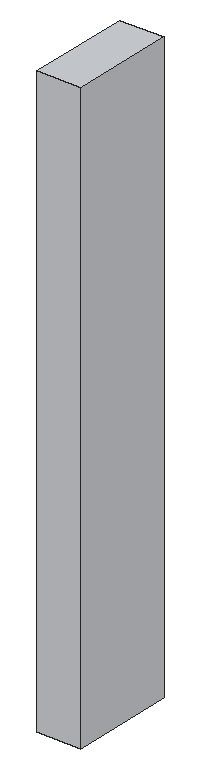
Revit family "09 Fireplace for LT", category Generic Models, Revit 2021
Family settings
  Can host rebar = No
  Round Connector Dimension = Use Diameter
  Part Type = Normal
  Work Plane-Based = No
  Always vertical = Yes
  Cut with Voids When Loaded = No
  Shared = No
  Room Calculation Point = No
Parameters
  Default Elevation = 0' - 0"
Reference planes (in)
  plane 1 "Center (Front/Back)": y = 0
  plane 2: z = 0
  plane 3 "Center (Left/Right)": x = 0
  plane 4: y = -37
  plane 5: y = 37
  plane 6: x = -15.5
  plane 7: x = 15.5
Forms (in)
  Extrusion 1, solid
    sketch origin (60.00379, -46.653, 0) x (1, 0, 0) y (0, 1, 0)
      loop
        line (-75.50379, 83.653) -> (-75.50379, 9.653) -> (-44.50379, 9.653) -> (-44.50379, 83.653) -> (-75.50379, 83.653)
    from -105 to 318
  Extrusion 2, void
    sketch origin (60.00379, -46.653, 0) x (1, 0, 0) y (0, 1, 0)
      loop
        line (-75.50379, 72.653) -> (-75.50379, 20.653) -> (-56.50379, 27.56843) -> (-56.50379, 65.73756) -> (-75.50379, 72.653)
    from 0 to 48
Cuts and joins
  Extrusion 2 cuts Extrusion 1
Dimensions and locks (in)
  aligned and locked: plane 2 to level
  aligned and locked: Extrusion 1 sketch curve to plane 5
  aligned and locked: Extrusion 1 sketch curve to plane 6
  aligned and locked: plane 4 to Extrusion 1 sketch curve
  aligned and locked: plane 7 to Extrusion 1 sketch curve
